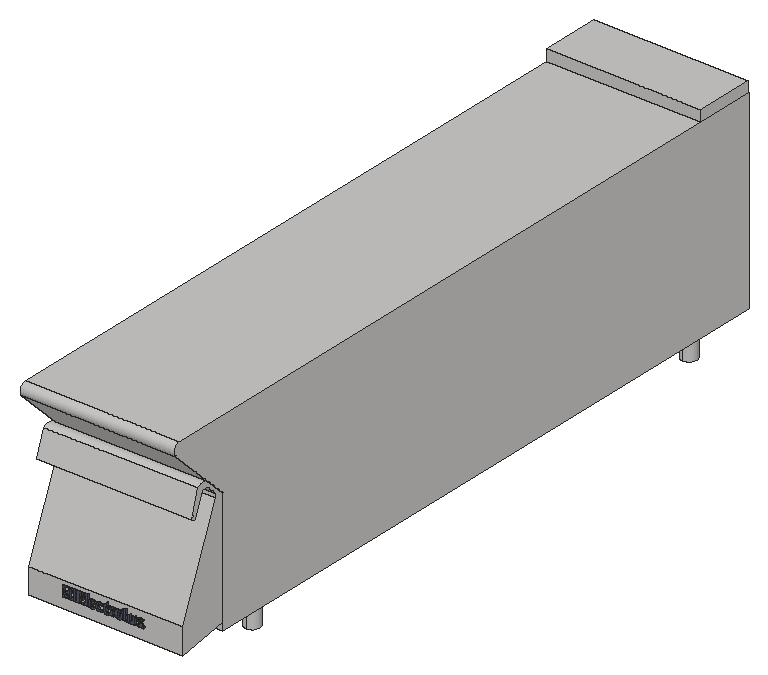
Revit family "QF_ELECTROLUXPROFESSIONAL_391544_E9SSBGAOMAE", category Specialty Equipment, Revit 2018
Family settings
  Round Connector Dimension = Use Diameter
  Part Type = Normal
  Work Plane-Based = No
  Always vertical = Yes
  Cut with Voids When Loaded = No
  Shared = No
  Room Calculation Point = No
Parameters (values of type "Standard")
  Weight = 13.00 kg
  Watts = 0 W
  Volts = 0 V
  URL Manufacturer = "http://professional.electrolux.com"
  URL = "http://professional.electrolux.com"
  Steam Supply Size = 0"
  Steam Supply Minimum Pressure = 0.00 psi
  Steam Supply Maximum Pressure = 0.00 psi
  Steam Pounds per Hour = 0
  Show Logo [instance] = yes
  Show Clearance [instance] = yes
  Refrigeration Suction Line Size = 0 mm
  Refrigeration Liquid Line Size = 0 mm
  Refrigerant Compressor Remote = yes
  Phase = 0
  Model = "E9SSBGAOMAE"
  Manufacturer = "Electrolux Professional"
  Length Actual = 200 mm  # constant formula
  Item Number = "391544"
  Hot Water Size = 0"
  Height Actual = 250 mm  # constant formula
  HP = "0 HP"
  Gas Size = 0"
  Gas KW = 0
  Gas Input Pressure = 0.0 Btu/h
  Direct Waste Size = 0"
  Description = "WORKTOP WITH 1 DRAWER 200 MM 3 MM WORKTOP"
  Depth Actual = 930 mm  # constant formula
  Cycle = 0 Hz
  Condensate Return Size = 0"
  Compressed Air Volume = 0 GPM
  Compressed Air Size = 0"
  Compressed Air Pressure = 0.00 psi
  Cold Water Size = 0"
  Accessory = yes
Reference planes
  plane 1 "BACK": y = 0
  plane 2: z = 0
  plane 3 "LEFT": x = 0
  plane 4 "RIGHT": x = 200
  plane 5 "FRONT": y = -930
  plane 6 "TOP": z = 274.638
  plane 7 "Center Y": x = 100
  plane 8 "Center X": y = -465
  plane 9: z = 24
  plane 10: z = 289
  plane 11: y = -82
  plane 12: y = -790
Forms (mm)
  Extrusion 1, solid, material "QF_Finishes_Stainless Steel"
    sketch origin (0, 0, 0) x (0, 1, 0) y (0, 0, 1)
      loop
        line (0, 24) -> (0, 274.637) -> (-921.37, 274.638)
        arc (-921.37, 274.638) -> (-929.343, 269.31) -> (-927.472, 259.906) r 8.63
        line (-927.472, 259.906) -> (-852.093, 184.526) -> (-852.093, 24) -> (0, 24)
    from 0 to 200
  Extrusion 2, solid, material "QF_Finishes_Stainless Steel"
    sketch origin (0, -199.871, 0) x (1, 0, 0) y (0, 1, 0)
      loop
        circle (11.112, 117.871) r 9.525
      loop
        circle (188.888, 117.871) r 9.525
      loop
        circle (11.112, -590.129) r 9.525
      loop
        circle (188.888, -590.129) r 9.525
    from 0 to 23.812
  Extrusion 3, solid, material "QF_Finishes_Stainless Steel"
    sketch origin (0, -199.871, 0) x (0, 1, 0) y (0, 0, 1)
      loop
        line (199.871, 274.638) -> (199.871, 289) -> (123.671, 289) -> (123.671, 274.638) -> (199.871, 274.638)
    from 0 to 200
  Extrusion 4, solid, material "QF_Finishes_Navy Blue", visible <- "Show Logo"
    sketch origin (200, -916.569, 24) x (0, 0, 1) y (-1, 0, 0)
      loop
        line (27.764, 145.003) -> (15.398, 145.003)
        arc (15.398, 145.003) -> (21.581, 140.432) -> (27.764, 145.003) r 6.467
      loop
        arc (27.764, 145.632) -> (26.595, 150.775) -> (21.939, 153.253) r 6.338
        line (21.939, 153.253) -> (21.939, 151.207)
        arc (21.939, 151.207) -> (23.423, 147.552) -> (26.869, 145.632) r 5.941
        line (26.869, 145.632) -> (27.764, 145.632)
      loop
        arc (16.293, 145.632) -> (19.739, 147.552) -> (21.222, 151.207) r 5.941
        line (21.222, 151.207) -> (21.222, 153.253)
        arc (21.222, 153.253) -> (16.528, 150.779) -> (15.239, 145.632) r 6.504
        line (15.239, 145.632) -> (16.293, 145.632)
      loop
        line (28.439, 153.722) -> (14.695, 153.722) -> (14.695, 139.959) -> (28.439, 139.959) -> (28.439, 153.722)
      loop
        arc (28.523, 136.992) -> (28.175, 137.349) -> (27.808, 137.011) r 0.358
        arc (27.808, 137.011) -> (27.494, 136.261) -> (26.777, 135.876) r 1.216
        line (26.777, 135.876) -> (16.364, 135.876)
        arc (16.364, 135.876) -> (15.704, 136.154) -> (15.308, 136.75) r 1.238
        arc (15.308, 136.75) -> (14.914, 137.001) -> (14.608, 136.647) r 0.358
        line (14.608, 136.647) -> (14.608, 126.768) -> (17.359, 126.768) -> (17.359, 127.665)
        arc (17.359, 127.665) -> (16.45, 128.245) -> (15.995, 129.222) r 1.928
        line (15.995, 129.222) -> (15.995, 131.721)
        arc (15.995, 131.721) -> (16.27, 132.45) -> (16.959, 132.814) r 1.101
        line (16.959, 132.814) -> (21.045, 132.814) -> (21.045, 129.141)
        arc (21.045, 129.141) -> (20.692, 128.643) -> (20.127, 128.416) r 1.083
        arc (20.127, 128.416) -> (19.864, 128.11) -> (20.156, 127.832) r 0.292
        line (20.156, 127.832) -> (23.118, 127.832)
        arc (23.118, 127.832) -> (23.421, 128.105) -> (23.182, 128.435) r 0.305
        arc (23.182, 128.435) -> (22.692, 128.683) -> (22.387, 129.141) r 1.083
        line (22.387, 129.141) -> (22.387, 132.814) -> (27.064, 132.814) -> (27.064, 129.067)
        arc (27.064, 129.067) -> (26.85, 128.311) -> (26.243, 127.813) r 1.314
        arc (26.243, 127.813) -> (26.024, 127.409) -> (26.379, 127.117) r 0.361
        line (26.379, 127.117) -> (28.523, 127.117) -> (28.523, 136.992)
      loop
        arc (27.805, 126.336) -> (27.425, 125.417) -> (26.506, 125.037) r 1.299
        line (26.506, 125.037) -> (16.928, 125.037)
        arc (16.928, 125.037) -> (16.09, 125.415) -> (15.818, 126.293) r 1.118
        line (15.818, 126.293) -> (14.608, 126.293) -> (14.608, 120.943) -> (15.797, 120.943)
        arc (15.797, 120.943) -> (16.068, 121.86) -> (16.938, 122.256) r 1.153
        line (16.938, 122.256) -> (29.011, 122.256) -> (27.805, 126.336)
      loop
        line (19.573, 118.307) -> (19.573, 111.859) -> (20.372, 111.859)
        arc (20.372, 111.859) -> (22.953, 112.844) -> (24.221, 115.298) r 3.874
        line (24.221, 115.298) -> (24.221, 117.058)
        arc (24.221, 117.058) -> (23.035, 119.923) -> (20.17, 121.109) r 4.051
        line (20.17, 121.109) -> (18.162, 121.109)
        arc (18.162, 121.109) -> (15.344, 119.624) -> (14.292, 116.617) r 4.352
        arc (14.292, 116.617) -> (14.656, 114.154) -> (16.034, 112.08) r 5.713
        line (16.034, 112.08) -> (16.983, 112.08)
        arc (16.983, 112.08) -> (16.25, 113.649) -> (16.034, 115.367) r 5.579
        arc (16.034, 115.367) -> (16.828, 117.33) -> (18.707, 118.307) r 3.057
        line (18.707, 118.307) -> (19.573, 118.307)
      loop
        line (20.832, 118.307) -> (20.832, 114.725)
        arc (20.832, 114.725) -> (22.289, 114.678) -> (23.172, 115.837) r 1.59
        line (23.172, 115.837) -> (23.172, 116.667)
        arc (23.172, 116.667) -> (22.308, 117.922) -> (20.832, 118.307) r 2.184
      loop
        arc (23.623, 102.442) -> (24.112, 104.116) -> (24.27, 105.853) r 9.023
        line (24.27, 105.853) -> (24.27, 107.215)
        arc (24.27, 107.215) -> (23.11, 110.015) -> (20.311, 111.174) r 3.959
        line (20.311, 111.174) -> (17.71, 111.174)
        arc (17.71, 111.174) -> (15.429, 109.882) -> (14.311, 107.509) r 4.331
        line (14.311, 107.509) -> (14.311, 105.374)
        arc (14.311, 105.374) -> (14.819, 103.824) -> (15.741, 102.478) r 5.772
        arc (15.741, 102.478) -> (16.503, 102.427) -> (16.589, 103.186) r 0.553
        arc (16.589, 103.186) -> (16.201, 103.92) -> (16.068, 104.739) r 2.573
        line (16.068, 104.739) -> (16.068, 106.254)
        arc (16.068, 106.254) -> (17.073, 107.896) -> (18.888, 108.538) r 2.884
        line (18.888, 108.538) -> (20.167, 108.538)
        arc (20.167, 108.538) -> (21.988, 107.978) -> (22.915, 106.313) r 2.554
        line (22.915, 106.313) -> (22.915, 105.26)
        arc (22.915, 105.26) -> (22.583, 104.332) -> (21.926, 103.597) r 2.564
        arc (21.926, 103.597) -> (21.705, 102.88) -> (22.314, 102.442) r 0.643
        line (22.314, 102.442) -> (23.623, 102.442)
      loop
        line (22.605, 102.172) -> (22.605, 100.671) -> (16.557, 100.671)
        arc (16.557, 100.671) -> (14.969, 100.013) -> (14.311, 98.425) r 2.246
        line (14.311, 98.425) -> (14.311, 96.841)
        arc (14.311, 96.841) -> (14.625, 95.977) -> (15.126, 95.205) r 4.06
        arc (15.126, 95.205) -> (15.858, 95.072) -> (16.109, 95.773) r 0.576
        arc (16.109, 95.773) -> (16.003, 96.299) -> (16.068, 96.831) r 1.69
        arc (16.068, 96.831) -> (16.609, 97.619) -> (17.516, 97.922) r 1.506
        line (17.516, 97.922) -> (22.653, 97.922) -> (22.653, 95.525) -> (23.21, 94.969) -> (24.031, 94.969) -> (24.031, 97.828) -> (27.263, 97.828) -> (22.605, 102.172)
      loop
        line (14.529, 94.071) -> (14.529, 88.684) -> (15.639, 88.684)
        arc (15.639, 88.684) -> (16.033, 89.635) -> (16.984, 90.029) r 1.345
        line (16.984, 90.029) -> (20.6, 90.029)
        arc (20.6, 90.029) -> (21.364, 89.437) -> (21.654, 88.515) r 1.615
        line (21.654, 88.515) -> (21.654, 86.959) -> (24.21, 86.274) -> (24.21, 87.657) -> (22.267, 90.216) -> (24.147, 90.216) -> (23.863, 92.922)
        arc (23.863, 92.922) -> (23.423, 93.452) -> (22.765, 93.251) r 0.621
        arc (22.765, 93.251) -> (22.364, 92.909) -> (21.87, 92.726) r 1.501
        line (21.87, 92.726) -> (16.984, 92.726)
        arc (16.984, 92.726) -> (16.033, 93.12) -> (15.639, 94.071) r 1.345
        line (15.639, 94.071) -> (14.529, 94.071)
      loop
        line (20.631, 86.737) -> (17.938, 86.737)
        arc (17.938, 86.737) -> (15.493, 85.429) -> (14.359, 82.899) r 4.288
        arc (14.359, 82.899) -> (14.295, 81.518) -> (14.359, 80.138) r 15.022
        arc (14.359, 80.138) -> (15.493, 77.607) -> (17.938, 76.3) r 4.288
        line (17.938, 76.3) -> (20.631, 76.3)
        arc (20.631, 76.3) -> (23.076, 77.607) -> (24.21, 80.138) r 4.288
        arc (24.21, 80.138) -> (24.273, 81.518) -> (24.21, 82.899) r 15.022
        arc (24.21, 82.899) -> (23.076, 85.429) -> (20.631, 86.737) r 4.288
      loop
        line (20.835, 83.623) -> (17.734, 83.623)
        arc (17.734, 83.623) -> (15.577, 81.466) -> (17.734, 79.309) r 2.157
        line (17.734, 79.309) -> (20.835, 79.309)
        arc (20.835, 79.309) -> (22.992, 81.466) -> (20.835, 83.623) r 2.157
      loop
        arc (27.816, 76.442) -> (27.446, 75.548) -> (26.552, 75.177) r 1.264
        line (26.552, 75.177) -> (16.687, 75.177)
        arc (16.687, 75.177) -> (15.817, 75.574) -> (15.546, 76.49) r 1.153
        line (15.546, 76.49) -> (14.608, 76.49) -> (14.608, 71.382) -> (15.536, 71.382)
        arc (15.536, 71.382) -> (15.896, 72.154) -> (16.687, 72.469) r 1.153
        line (16.687, 72.469) -> (29.011, 72.469) -> (27.816, 76.442)
      loop
        arc (22.936, 71.844) -> (22.737, 70.78) -> (21.768, 70.298) r 1.215
        line (21.768, 70.298) -> (16.748, 70.298)
        arc (16.748, 70.298) -> (15.134, 69.651) -> (14.413, 68.068) r 2.338
        line (14.413, 68.068) -> (14.413, 66.553)
        arc (14.413, 66.553) -> (14.587, 65.549) -> (15.09, 64.663) r 2.979
        line (15.09, 64.663) -> (14.608, 62.866) -> (14.608, 61.178) -> (24.034, 61.178) -> (23.74, 65.381) -> (22.953, 65.381)
        arc (22.953, 65.381) -> (22.598, 64.545) -> (21.845, 64.036) r 1.605
        line (21.845, 64.036) -> (16.742, 64.036)
        arc (16.742, 64.036) -> (16.322, 64.973) -> (16.249, 65.997) r 2.94
        arc (16.249, 65.997) -> (16.81, 67.098) -> (17.964, 67.541) r 1.724
        line (17.964, 67.541) -> (24.16, 67.541) -> (22.936, 71.844)
      loop
        line (23.965, 60.324) -> (22.292, 58.278) -> (19.118, 55.972) -> (15.662, 59.084)
        arc (15.662, 59.084) -> (15.425, 59.478) -> (15.447, 59.937) r 0.789
        line (15.447, 59.937) -> (14.608, 59.937) -> (14.608, 56.392) -> (15.434, 56.392)
        arc (15.434, 56.392) -> (15.777, 56.754) -> (16.267, 56.662) r 0.52
        line (16.267, 56.662) -> (18.067, 55.191) -> (15.948, 53.815)
        arc (15.948, 53.815) -> (15.547, 54.125) -> (15.46, 54.625) r 0.7
        line (15.46, 54.625) -> (14.608, 54.625) -> (14.608, 48.698) -> (15.495, 48.698)
        arc (15.495, 48.698) -> (15.562, 49.357) -> (15.957, 49.888) r 1.247
        line (15.957, 49.888) -> (20.156, 53.169) -> (22.604, 51.116) -> (23.965, 49.374) -> (23.965, 53.098) -> (22.479, 52.675) -> (20.958, 53.952) -> (22.658, 55.142) -> (23.965, 54.366) -> (23.965, 60.324)
    from 0 to 1.644
  Extrusion 5, solid, material "QF_Finishes_Stainless Steel"
    sketch origin (200, 0, 0) x (0, 1, 0) y (0, 0, 1)
      loop
        line (-902.763, 175.638) -> (-896.709, 172.143) -> (-886.355, 202.214) -> (-876.51, 202.214) -> (-862.774, 188.478) -> (-862.774, 183.478) -> (-916.569, 56.932) -> (-916.569, 24) -> (-852.093, 34.212) -> (-852.093, 184.526) -> (-875.048, 207.481)
        arc (-875.048, 207.481) -> (-883.423, 210.488) -> (-891.798, 207.481) r 13.167
        line (-891.798, 207.481) -> (-902.763, 175.638)
    from 0 to -200
  Extrusion 6, solid, material "QF_Door-Drawer Clearances", detail levels coarse
    sketch origin (200, 0, 0) x (0, 1, 0) y (0, 0, 1)
      loop
        line (-1432.763, 175.638) -> (-1426.709, 172.143) -> (-1416.355, 202.214) -> (-1406.51, 202.214) -> (-1392.774, 188.478) -> (-1392.774, 183.478) -> (-1446.569, 56.932) -> (-1446.569, 24) -> (-916.569, 24) -> (-916.569, 56.932) -> (-862.774, 183.478) -> (-862.774, 188.478) -> (-876.51, 202.214) -> (-886.355, 202.214) -> (-896.709, 172.143) -> (-902.763, 175.638) -> (-891.798, 207.481)
        arc (-891.798, 207.481) -> (-887.872, 209.714) -> (-883.423, 210.488) r 13.167
        line (-883.423, 210.488) -> (-1413.423, 210.488)
        arc (-1413.423, 210.488) -> (-1417.872, 209.714) -> (-1421.798, 207.481) r 13.167
        line (-1421.798, 207.481) -> (-1432.763, 175.638)
    from 0 to -200
Lines and regions (mm)
  symbolic lines
    curve 1: line (0, -930, 0) -> (200, -930, 0)
    curve 2: line (0, 0, 0) -> (0, -930, 0)
    curve 3: line (200, 0, 0) -> (0, 0, 0)
    curve 4: line (200, -930, 0) -> (200, 0, 0)
    curve 5: line (0, -76.2, 0) -> (200, -76.2, 0)
  symbolic lines, style "QF_Door-Drawer Clearances"
    curve 6: line (0, -930, 0) -> (0, -1446.569, 0)
    curve 7: line (0, -1446.569, 0) -> (200, -1446.569, 0)
    curve 8: line (200, -1446.569, 0) -> (200, -930, 0)
    curve 9: line (200, -1432.763, 0) -> (0, -1432.763, 0)
    curve 10: line (0, -1421.798, 0) -> (200, -1421.798, 0)
Dimensions and locks
  equal spacing: plane 3 "LEFT", plane 7 "Center Y", plane 4 "RIGHT"
  plane 3 "LEFT" to plane 4 "RIGHT" = 200 mm
  equal spacing: plane 5 "FRONT", plane 8 "Center X", plane 1 "BACK"
  plane 5 "FRONT" to plane 1 "BACK" = 930 mm
  plane 10 to level = 289 mm
  plane 9 to level = 24 mm
  Extrusion 1 to plane 9 = 250.637 mm
  plane 9 to plane 2 = 24 mm
  plane 11 to plane 1 "BACK" = 82 mm
  plane 12 to plane 11 = 708 mm
  aligned and locked: level to plane 2
  aligned and locked: Extrusion 5 to Extrusion 1
Automatic sketch dimensions
  Extrusion 1 sketch curve to plane 6 "TOP" = 0 mm
  Extrusion 1 sketch curve to plane 9 = 0 mm
  Extrusion 1 sketch curve to plane 1 "BACK" = 0 mm
  Extrusion 1 sketch curve to plane 12 = 62.093 mm
  Extrusion 1 sketch curve to plane 5 "FRONT" = 8.63 mm
  Extrusion 1 sketch curve to plane 5 "FRONT" = 2.528 mm
  Extrusion 1 sketch curve to plane 6 "TOP" = 90.111 mm
  Extrusion 1 sketch curve to plane 6 "TOP" = 14.732 mm
  Extrusion 2 sketch curve to Extrusion 2 sketch curve = 0 mm  (x8)
  plane 11 to Extrusion 2 sketch curve = 0 mm  (x2)
  Extrusion 2 sketch curve to plane 12 = 0 mm  (x2)
  plane 3 "LEFT" to Extrusion 2 sketch curve = 11.112 mm  (x2)
  Extrusion 2 sketch curve to plane 4 "RIGHT" = 11.112 mm  (x2)
  Extrusion 2 sketch curve to Extrusion 2 sketch curve = 9.525 mm  (x2)
  plane 11 to Extrusion 2 sketch curve = 9.525 mm  (x2)
  Extrusion 3 sketch curve to plane 6 "TOP" = 0 mm
  Extrusion 3 sketch curve to plane 10 = 0 mm
  Extrusion 3 sketch curve to plane 1 "BACK" = 0 mm
  Extrusion 3 sketch curve to plane 11 = 5.8 mm
  Extrusion 4 sketch curve to Extrusion 5 = 9.251 mm
  Extrusion 4 sketch curve to Extrusion 5 = 14.292 mm
  Extrusion 4 sketch curve to Extrusion 5 = 14.311 mm
  Extrusion 4 sketch curve to Extrusion 4 sketch curve = 0 mm  (x28)
  Extrusion 4 sketch curve to Extrusion 4 sketch curve = 5.108 mm
  Extrusion 4 sketch curve to Extrusion 4 sketch curve = 0.054 mm
  Extrusion 4 sketch curve to Extrusion 4 sketch curve = 0.218 mm
  Extrusion 4 sketch curve to Extrusion 4 sketch curve = 0.195 mm
  Extrusion 4 sketch curve to Extrusion 4 sketch curve = 0.249 mm
  Extrusion 4 sketch curve to Extrusion 5 = 14.608 mm
  Extrusion 4 sketch curve to Extrusion 4 sketch curve = 0.087 mm
  Extrusion 4 sketch curve to Extrusion 4 sketch curve = 0.358 mm
  Extrusion 4 sketch curve to Extrusion 4 sketch curve = 0.481 mm
  Extrusion 4 sketch curve to Extrusion 4 sketch curve = 0.597 mm
  Extrusion 4 sketch curve to Extrusion 4 sketch curve = 0.544 mm
  Extrusion 4 sketch curve to Extrusion 4 sketch curve = 0.936 mm
  Extrusion 4 sketch curve to Extrusion 4 sketch curve = 0.594 mm
  Extrusion 4 sketch curve to Extrusion 4 sketch curve = 0.343 mm
  Extrusion 4 sketch curve to Extrusion 4 sketch curve = 0.159 mm
  Extrusion 4 sketch curve to Extrusion 4 sketch curve = 0.826 mm
  Extrusion 4 sketch curve to Extrusion 4 sketch curve = 0.839 mm
  Extrusion 4 sketch curve to Extrusion 4 sketch curve = 0.852 mm
  Extrusion 4 sketch curve to Extrusion 4 sketch curve = 0.887 mm
  Extrusion 4 sketch curve to Extrusion 4 sketch curve = 0.928 mm
  Extrusion 4 sketch curve to Extrusion 4 sketch curve = 0.938 mm
  Extrusion 4 sketch curve to Extrusion 4 sketch curve = 0.444 mm
  Extrusion 4 sketch curve to Extrusion 4 sketch curve = 1.11 mm  (x3)
  Extrusion 4 sketch curve to Extrusion 4 sketch curve = 0.215 mm
  Extrusion 4 sketch curve to Extrusion 4 sketch curve = 1.43 mm
  Extrusion 4 sketch curve to Extrusion 4 sketch curve = 1.188 mm
  Extrusion 4 sketch curve to Extrusion 4 sketch curve = 1.21 mm  (x2)
  Extrusion 4 sketch curve to Extrusion 4 sketch curve = 0.503 mm
  Extrusion 4 sketch curve to Extrusion 4 sketch curve = 0.488 mm
  Extrusion 4 sketch curve to Extrusion 4 sketch curve = 0.462 mm
  Extrusion 4 sketch curve to Extrusion 4 sketch curve = 1.386 mm
  Extrusion 4 sketch curve to Extrusion 4 sketch curve = 1.742 mm  (x2)
  Extrusion 4 sketch curve to Extrusion 4 sketch curve = 0.821 mm
  Extrusion 4 sketch curve to Extrusion 4 sketch curve = 0.497 mm
  Extrusion 4 sketch curve to Extrusion 4 sketch curve = 0.539 mm
  Extrusion 4 sketch curve to Extrusion 4 sketch curve = 0.686 mm
  Extrusion 4 sketch curve to Extrusion 4 sketch curve = 0.408 mm
  Extrusion 4 sketch curve to Extrusion 4 sketch curve = 0.743 mm
  Extrusion 4 sketch curve to Extrusion 4 sketch curve = 1.16 mm
  Extrusion 4 sketch curve to Extrusion 4 sketch curve = 0.329 mm
  Extrusion 4 sketch curve to Extrusion 4 sketch curve = 1.054 mm
  Extrusion 4 sketch curve to Extrusion 4 sketch curve = 1.056 mm
  Extrusion 4 sketch curve to Extrusion 4 sketch curve = 0.129 mm
  Extrusion 4 sketch curve to Extrusion 4 sketch curve = 0.489 mm
  Extrusion 4 sketch curve to Extrusion 4 sketch curve = 0.441 mm
  Extrusion 4 sketch curve to Extrusion 4 sketch curve = 1.151 mm
  Extrusion 4 sketch curve to Extrusion 4 sketch curve = 1.141 mm  (x2)
  Extrusion 4 sketch curve to Extrusion 4 sketch curve = 0.768 mm
  Extrusion 4 sketch curve to Extrusion 4 sketch curve = 1.653 mm
  Extrusion 4 sketch curve to Extrusion 4 sketch curve = 0.499 mm
  Extrusion 4 sketch curve to Extrusion 4 sketch curve = 0.964 mm
  Extrusion 4 sketch curve to Extrusion 4 sketch curve = 0.949 mm
  Extrusion 4 sketch curve to Extrusion 4 sketch curve = 1.345 mm  (x3)
  Extrusion 4 sketch curve to Extrusion 4 sketch curve = 1.101 mm
  Extrusion 4 sketch curve to Extrusion 4 sketch curve = 0.432 mm
  Extrusion 4 sketch curve to Extrusion 4 sketch curve = 1.142 mm
  Extrusion 4 sketch curve to Extrusion 4 sketch curve = 0.959 mm
  Extrusion 4 sketch curve to Extrusion 4 sketch curve = 0.176 mm
  Extrusion 4 sketch curve to Extrusion 4 sketch curve = 0.728 mm
  Extrusion 4 sketch curve to Extrusion 4 sketch curve = 3.375 mm  (x2)
  Extrusion 4 sketch curve to Extrusion 4 sketch curve = 0.541 mm
  Extrusion 4 sketch curve to Extrusion 4 sketch curve = 0.955 mm
  Extrusion 4 sketch curve to Extrusion 4 sketch curve = 1.251 mm
  Extrusion 4 sketch curve to Extrusion 4 sketch curve = 0.572 mm
  Extrusion 4 sketch curve to Extrusion 4 sketch curve = 1.92 mm
  Extrusion 4 sketch curve to Extrusion 4 sketch curve = 1.224 mm
  Extrusion 4 sketch curve to Extrusion 4 sketch curve = 0.745 mm
  Extrusion 4 sketch curve to Extrusion 4 sketch curve = 2.537 mm
  Extrusion 4 sketch curve to Extrusion 4 sketch curve = 0.896 mm  (x3)
  Extrusion 4 sketch curve to Extrusion 4 sketch curve = 0.036 mm
  Extrusion 4 sketch curve to Extrusion 4 sketch curve = 2.607 mm
  Extrusion 4 sketch curve to Extrusion 4 sketch curve = 0.066 mm
  Extrusion 4 sketch curve to Extrusion 4 sketch curve = 0.248 mm
  Extrusion 4 sketch curve to Extrusion 4 sketch curve = 0.449 mm
  Extrusion 4 sketch curve to Extrusion 4 sketch curve = 1.052 mm
  Extrusion 4 sketch curve to Extrusion 4 sketch curve = 1.863 mm
  Extrusion 4 sketch curve to Extrusion 4 sketch curve = 1.31 mm  (x2)
  Extrusion 4 sketch curve to Extrusion 4 sketch curve = 0.901 mm
  Extrusion 4 sketch curve to Extrusion 4 sketch curve = 1.107 mm
  Extrusion 4 sketch curve to Extrusion 4 sketch curve = 2.122 mm
  Extrusion 4 sketch curve to Extrusion 4 sketch curve = 2.101 mm
  Extrusion 4 sketch curve to Extrusion 4 sketch curve = 0.106 mm
  Extrusion 4 sketch curve to Extrusion 4 sketch curve = 0.029 mm
  Extrusion 4 sketch curve to Extrusion 4 sketch curve = 2.09 mm
  Extrusion 4 sketch curve to Extrusion 4 sketch curve = 1.279 mm
  Extrusion 4 sketch curve to Extrusion 4 sketch curve = 2.008 mm
  Extrusion 4 sketch curve to Extrusion 4 sketch curve = 0.738 mm
  Extrusion 4 sketch curve to Extrusion 4 sketch curve = 0.382 mm
  Extrusion 4 sketch curve to Extrusion 4 sketch curve = 0.384 mm
  Extrusion 4 sketch curve to Extrusion 4 sketch curve = 0.002 mm
  Extrusion 4 sketch curve to Extrusion 4 sketch curve = 0.561 mm
  Extrusion 4 sketch curve to Extrusion 4 sketch curve = 0.592 mm
  Extrusion 4 sketch curve to Extrusion 4 sketch curve = 2.692 mm
  Extrusion 4 sketch curve to Extrusion 4 sketch curve = 1.259 mm
  Extrusion 4 sketch curve to Extrusion 4 sketch curve = 0.802 mm
  Extrusion 4 sketch curve to Extrusion 4 sketch curve = 1.024 mm  (x2)
  Extrusion 4 sketch curve to Extrusion 4 sketch curve = 0.682 mm
  Extrusion 4 sketch curve to Extrusion 4 sketch curve = 5.934 mm
  Extrusion 4 sketch curve to Extrusion 4 sketch curve = 2.186 mm
  Extrusion 4 sketch curve to Extrusion 4 sketch curve = 0.337 mm
  Extrusion 4 sketch curve to Extrusion 4 sketch curve = 0.021 mm
  Extrusion 4 sketch curve to Extrusion 4 sketch curve = 1.005 mm
  Extrusion 4 sketch curve to Extrusion 4 sketch curve = 0.552 mm
  Extrusion 4 sketch curve to Extrusion 4 sketch curve = 0.778 mm
  Extrusion 4 sketch curve to Extrusion 4 sketch curve = 0.063 mm
  Extrusion 4 sketch curve to Extrusion 4 sketch curve = 1.023 mm
  Extrusion 4 sketch curve to Extrusion 4 sketch curve = 3.804 mm
  Extrusion 4 sketch curve to Extrusion 4 sketch curve = 0.486 mm
  Extrusion 4 sketch curve to Extrusion 4 sketch curve = 0.266 mm
  Extrusion 4 sketch curve to Extrusion 4 sketch curve = 1.547 mm
  Extrusion 4 sketch curve to Extrusion 4 sketch curve = 0.717 mm  (x2)
  Extrusion 4 sketch curve to Extrusion 4 sketch curve = 1.667 mm
  Extrusion 4 sketch curve to Extrusion 4 sketch curve = 3.174 mm
  Extrusion 4 sketch curve to Extrusion 4 sketch curve = 0.388 mm
  Extrusion 4 sketch curve to Extrusion 4 sketch curve = 1.342 mm
  Extrusion 4 sketch curve to Extrusion 4 sketch curve = 1.521 mm
  Extrusion 4 sketch curve to Extrusion 4 sketch curve = 0.124 mm
  Extrusion 4 sketch curve to Extrusion 4 sketch curve = 0.291 mm
  Extrusion 4 sketch curve to Extrusion 4 sketch curve = 1.049 mm  (x2)
  Extrusion 4 sketch curve to Extrusion 4 sketch curve = 1.7 mm
  Extrusion 4 sketch curve to Extrusion 4 sketch curve = 0.894 mm
  Extrusion 4 sketch curve to Extrusion 4 sketch curve = 0.989 mm
  Extrusion 4 sketch curve to Extrusion 4 sketch curve = 1.168 mm
  Extrusion 4 sketch curve to Extrusion 4 sketch curve = 1.594 mm
  Extrusion 4 sketch curve to Extrusion 4 sketch curve = 0.731 mm
  Extrusion 4 sketch curve to Extrusion 4 sketch curve = 1.566 mm
  Extrusion 4 sketch curve to Extrusion 4 sketch curve = 0.064 mm
  Extrusion 4 sketch curve to Extrusion 4 sketch curve = 0.556 mm  (x2)
  Extrusion 4 sketch curve to Extrusion 4 sketch curve = 0.48 mm
  Extrusion 4 sketch curve to Extrusion 4 sketch curve = 1.018 mm
  Extrusion 4 sketch curve to Extrusion 4 sketch curve = 0.787 mm
  Extrusion 4 sketch curve to Extrusion 4 sketch curve = 0.618 mm
  Extrusion 4 sketch curve to Extrusion 4 sketch curve = 1.672 mm
  Extrusion 4 sketch curve to Extrusion 4 sketch curve = 1.361 mm
  Extrusion 4 sketch curve to Extrusion 4 sketch curve = 0.822 mm
  Extrusion 4 sketch curve to Extrusion 4 sketch curve = 0.069 mm
  Extrusion 4 sketch curve to Extrusion 4 sketch curve = 1.88 mm
  Extrusion 4 sketch curve to Extrusion 4 sketch curve = 0.42 mm
  Extrusion 4 sketch curve to Extrusion 4 sketch curve = 0.062 mm
  Extrusion 4 sketch curve to Extrusion 4 sketch curve = 1.355 mm
  Extrusion 4 sketch curve to Extrusion 4 sketch curve = 2.34 mm
  Extrusion 4 sketch curve to Extrusion 4 sketch curve = 0.493 mm
  Extrusion 4 sketch curve to Extrusion 4 sketch curve = 0.136 mm
  Extrusion 4 sketch curve to Extrusion 4 sketch curve = 0.128 mm
  Extrusion 4 sketch curve to Extrusion 4 sketch curve = 3.616 mm
  Extrusion 4 sketch curve to Extrusion 4 sketch curve = 4.207 mm
  Extrusion 4 sketch curve to Extrusion 4 sketch curve = 0.183 mm
  Extrusion 4 sketch curve to Extrusion 4 sketch curve = 0.895 mm
  Extrusion 4 sketch curve to Extrusion 4 sketch curve = 1.314 mm
  Extrusion 4 sketch curve to Extrusion 4 sketch curve = 3.231 mm
  Extrusion 4 sketch curve to Extrusion 4 sketch curve = 1.299 mm
  Extrusion 4 sketch curve to Extrusion 4 sketch curve = 1.214 mm
  Extrusion 4 sketch curve to Extrusion 4 sketch curve = 1.264 mm
  Extrusion 5 to Extrusion 4 sketch curve = 5.059 mm
  Extrusion 4 sketch curve to Extrusion 4 sketch curve = 0.357 mm
  Extrusion 4 sketch curve to Extrusion 4 sketch curve = 0.565 mm
  Extrusion 4 sketch curve to Extrusion 4 sketch curve = 2.504 mm
  Extrusion 4 sketch curve to Extrusion 4 sketch curve = 2.459 mm
  Extrusion 5 to Extrusion 4 sketch curve = 3.615 mm
  Extrusion 5 to Extrusion 4 sketch curve = 48.698 mm
  Extrusion 4 sketch curve to Extrusion 4 sketch curve = 0.208 mm
  Extrusion 4 sketch curve to Extrusion 4 sketch curve = 0.468 mm  (x2)
  Extrusion 4 sketch curve to Extrusion 4 sketch curve = 1.559 mm
  Extrusion 4 sketch curve to Extrusion 4 sketch curve = 0.422 mm  (x2)
  Extrusion 4 sketch curve to Extrusion 4 sketch curve = 0.494 mm
  Extrusion 4 sketch curve to Extrusion 4 sketch curve = 3.927 mm
  Extrusion 4 sketch curve to Extrusion 4 sketch curve = 0.782 mm
  Extrusion 4 sketch curve to Extrusion 4 sketch curve = 1.268 mm
  Extrusion 4 sketch curve to Extrusion 4 sketch curve = 0.671 mm
  Extrusion 4 sketch curve to Extrusion 4 sketch curve = 0.777 mm
  Extrusion 4 sketch curve to Extrusion 4 sketch curve = 0.704 mm
  Extrusion 4 sketch curve to Extrusion 4 sketch curve = 0.781 mm  (x2)
  Extrusion 4 sketch curve to Extrusion 4 sketch curve = 1.634 mm
  Extrusion 4 sketch curve to Extrusion 4 sketch curve = 0.132 mm
  Extrusion 4 sketch curve to Extrusion 4 sketch curve = 3.136 mm
  Extrusion 4 sketch curve to Extrusion 4 sketch curve = 2.422 mm
  Extrusion 4 sketch curve to Extrusion 4 sketch curve = 0.586 mm
  Extrusion 4 sketch curve to Extrusion 4 sketch curve = 2.046 mm  (x2)
  Extrusion 4 sketch curve to Extrusion 4 sketch curve = 1.241 mm
  Extrusion 4 sketch curve to Extrusion 4 sketch curve = 1.689 mm
  Extrusion 4 sketch curve to Extrusion 4 sketch curve = 2.859 mm
  Extrusion 4 sketch curve to Extrusion 4 sketch curve = 0.627 mm
  Extrusion 4 sketch curve to Extrusion 4 sketch curve = 0.863 mm
  Extrusion 4 sketch curve to Extrusion 4 sketch curve = 0.419 mm
  Extrusion 4 sketch curve to Extrusion 4 sketch curve = 1.514 mm
  Extrusion 4 sketch curve to Extrusion 4 sketch curve = 1.019 mm
  Extrusion 4 sketch curve to Extrusion 4 sketch curve = 0.065 mm
  Extrusion 4 sketch curve to Extrusion 4 sketch curve = 1.215 mm
  Extrusion 4 sketch curve to Extrusion 4 sketch curve = 2.708 mm
  Extrusion 4 sketch curve to Extrusion 4 sketch curve = 1.122 mm
  Extrusion 4 sketch curve to Extrusion 4 sketch curve = 1.153 mm
  Extrusion 4 sketch curve to Extrusion 4 sketch curve = 3.009 mm
  Extrusion 4 sketch curve to Extrusion 4 sketch curve = 0.829 mm  (x2)
  Extrusion 4 sketch curve to Extrusion 4 sketch curve = 0.934 mm
  Extrusion 4 sketch curve to Extrusion 4 sketch curve = 3.376 mm
  Extrusion 4 sketch curve to Extrusion 4 sketch curve = 0.222 mm
  Extrusion 4 sketch curve to Extrusion 4 sketch curve = 1.383 mm
  Extrusion 4 sketch curve to Extrusion 4 sketch curve = 1.556 mm
  Extrusion 4 sketch curve to Extrusion 4 sketch curve = 2.559 mm
  Extrusion 4 sketch curve to Extrusion 4 sketch curve = 2.51 mm
  Extrusion 4 sketch curve to Extrusion 4 sketch curve = 0.131 mm
  Extrusion 4 sketch curve to Extrusion 4 sketch curve = 1.717 mm
  Extrusion 4 sketch curve to Extrusion 4 sketch curve = 1.134 mm
  Extrusion 4 sketch curve to Extrusion 4 sketch curve = 0.366 mm
  Extrusion 4 sketch curve to Extrusion 4 sketch curve = 0.094 mm
  Extrusion 4 sketch curve to Extrusion 4 sketch curve = 1.584 mm
  Extrusion 4 sketch curve to Extrusion 4 sketch curve = 1.501 mm
  Extrusion 4 sketch curve to Extrusion 4 sketch curve = 0.27 mm
  Extrusion 4 sketch curve to Extrusion 4 sketch curve = 1.808 mm
  Extrusion 4 sketch curve to Extrusion 4 sketch curve = 0.643 mm
  Extrusion 4 sketch curve to Extrusion 4 sketch curve = 0.916 mm
  Extrusion 4 sketch curve to Extrusion 4 sketch curve = 0.352 mm
  Extrusion 4 sketch curve to Extrusion 4 sketch curve = 0.458 mm
  Extrusion 4 sketch curve to Extrusion 4 sketch curve = 1.282 mm
  Extrusion 4 sketch curve to Extrusion 4 sketch curve = 1.363 mm
  Extrusion 4 sketch curve to Extrusion 4 sketch curve = 0.685 mm
  Extrusion 4 sketch curve to Extrusion 4 sketch curve = 0.905 mm
  Extrusion 4 sketch curve to Extrusion 4 sketch curve = 2.865 mm
  Extrusion 4 sketch curve to Extrusion 4 sketch curve = 0.472 mm
  Extrusion 4 sketch curve to Extrusion 4 sketch curve = 0.101 mm
  Extrusion 4 sketch curve to Extrusion 4 sketch curve = 0.54 mm
  Extrusion 4 sketch curve to Extrusion 4 sketch curve = 0.02 mm
  Extrusion 4 sketch curve to Extrusion 4 sketch curve = 0.582 mm
  Extrusion 4 sketch curve to Extrusion 4 sketch curve = 0.166 mm
  Extrusion 4 sketch curve to Extrusion 4 sketch curve = 0.16 mm
  Extrusion 4 sketch curve to Extrusion 4 sketch curve = 2.781 mm
  Extrusion 4 sketch curve to Extrusion 4 sketch curve = 1.118 mm
  Extrusion 4 sketch curve to Extrusion 4 sketch curve = 0.613 mm
  Extrusion 4 sketch curve to Extrusion 4 sketch curve = 0.361 mm
  Extrusion 4 sketch curve to Extrusion 4 sketch curve = 0.897 mm
  Extrusion 4 sketch curve to Extrusion 4 sketch curve = 0.167 mm
  Extrusion 4 sketch curve to Extrusion 4 sketch curve = 0.292 mm
  Extrusion 4 sketch curve to Extrusion 4 sketch curve = 0.305 mm
  Extrusion 4 sketch curve to Extrusion 4 sketch curve = 1.557 mm
  Extrusion 4 sketch curve to Extrusion 4 sketch curve = 2.499 mm
  Extrusion 4 sketch curve to Extrusion 4 sketch curve = 3.062 mm
  Extrusion 4 sketch curve to Extrusion 4 sketch curve = 2.968 mm
  Extrusion 4 sketch curve to Extrusion 4 sketch curve = 5.044 mm
  Extrusion 4 sketch curve to Extrusion 4 sketch curve = 0.629 mm  (x2)
  Extrusion 4 sketch curve to Extrusion 4 sketch curve = 1.131 mm
  Extrusion 4 sketch curve to Extrusion 4 sketch curve = 0.137 mm
  Extrusion 4 sketch curve to Extrusion 4 sketch curve = 0.027 mm
  Extrusion 4 sketch curve to Extrusion 4 sketch curve = 2.235 mm
  Extrusion 5 sketch curve to Extrusion 1 = 0 mm  (x2)
  Extrusion 1 to Extrusion 5 sketch curve = 0 mm  (x2)
  Extrusion 1 to Extrusion 5 sketch curve = 10.681 mm
  Extrusion 5 sketch curve to Extrusion 5 sketch curve = 12.274 mm
  Extrusion 5 sketch curve to Extrusion 5 sketch curve = 1.462 mm
  Extrusion 5 sketch curve to Extrusion 5 sketch curve = 6.913 mm
  Extrusion 5 sketch curve to Extrusion 5 sketch curve = 2.932 mm
  Extrusion 5 sketch curve to Extrusion 5 sketch curve = 5.443 mm
  Extrusion 5 sketch curve to Extrusion 5 sketch curve = 13.286 mm
  Extrusion 5 sketch curve to Extrusion 5 sketch curve = 6.053 mm
  Extrusion 1 to Extrusion 5 sketch curve = 64.477 mm
  Extrusion 5 sketch curve to Extrusion 1 = 10.212 mm
  Extrusion 5 sketch curve to Extrusion 1 = 32.932 mm
  Extrusion 5 sketch curve to Extrusion 5 sketch curve = 35.338 mm
  Extrusion 5 sketch curve to Extrusion 5 sketch curve = 3.495 mm
  Extrusion 5 sketch curve to Extrusion 5 sketch curve = 1.048 mm
  Extrusion 5 sketch curve to Extrusion 5 sketch curve = 5 mm
  Extrusion 5 sketch curve to Extrusion 5 sketch curve = 10.161 mm
  Extrusion 5 sketch curve to Extrusion 5 sketch curve = 4.893 mm
  Extrusion 1 to Extrusion 6 sketch curve = 3.796 mm
  Extrusion 1 to Extrusion 6 sketch curve = 31.33 mm
  Extrusion 6 sketch curve to Extrusion 1 = 0 mm
  Extrusion 6 sketch curve to Extrusion 6 sketch curve = 6.913 mm  (x2)
  Extrusion 6 sketch curve to Extrusion 6 sketch curve = 2.932 mm  (x3)
  Extrusion 6 sketch curve to Extrusion 6 sketch curve = 5.443 mm  (x2)
  Extrusion 6 sketch curve to Extrusion 1 = 102.494 mm
  Extrusion 6 sketch curve to Extrusion 6 sketch curve = 13.286 mm
  Extrusion 6 sketch curve to Extrusion 1 = 98.999 mm
  Extrusion 6 sketch curve to Extrusion 6 sketch curve = 6.053 mm  (x2)
  Extrusion 6 sketch curve to Extrusion 1 = 32.932 mm  (x2)
  Extrusion 6 sketch curve to Extrusion 6 sketch curve = 5 mm  (x2)
  Extrusion 6 sketch curve to Extrusion 6 sketch curve = 4.893 mm  (x2)
  Extrusion 6 sketch curve to Extrusion 6 sketch curve = 5.267 mm  (x2)
  Extrusion 6 sketch curve to Extrusion 1 = 86.159 mm
  Extrusion 6 sketch curve to Extrusion 6 sketch curve = 509.351 mm
  Extrusion 6 sketch curve to Extrusion 6 sketch curve = 13.736 mm
  Extrusion 6 sketch curve to Extrusion 6 sketch curve = 19.86 mm
  Extrusion 1 to Extrusion 6 sketch curve = 64.477 mm
  Extrusion 1 to Extrusion 6 sketch curve = 10.681 mm
  Extrusion 6 sketch curve to Extrusion 6 sketch curve = 39.988 mm
  Extrusion 6 sketch curve to Extrusion 6 sketch curve = 11.335 mm
  Extrusion 6 sketch curve to Extrusion 6 sketch curve = 3.495 mm
  Extrusion 6 sketch curve to Extrusion 6 sketch curve = 8.274 mm
  Extrusion 6 sketch curve to Extrusion 6 sketch curve = 25.177 mm
  curve 10 to plane 3 "LEFT" = 0 mm
  curve 10 to plane 4 "RIGHT" = 0 mm
  plane 5 "FRONT" to curve 2 = 0 mm
  curve 10 to curve 1 = 491.798 mm
  curve 9 to curve 10 = 10.964 mm
  curve 6 to curve 9 = 13.807 mm
  plane 8 "Center X" to curve 5 = 388.8 mm
  curve 5 to curve 3 = 76.2 mm
